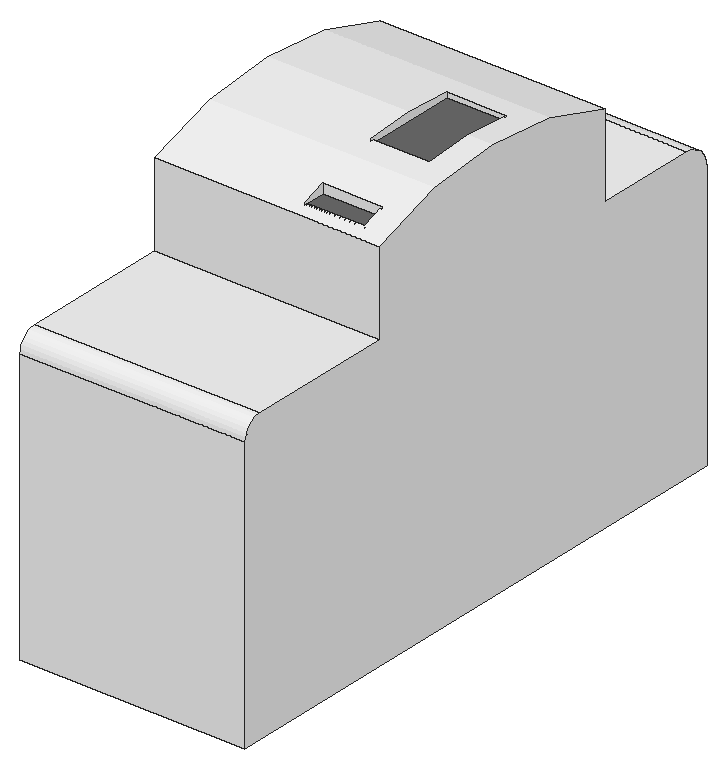
Revit family "Power-ModularDevices-GEWISS-90RCD-BD_2P", category Apparecchi elettrici, host Superficie, Revit 2016
Family settings
  Host = Superficie
  Mantenere orientamento annotazione = Sì
  Tipo di parte = Normale
  Quota connettore circolare = Usa diametro
  Numero OmniClass = 23.80.30.14
  Titolo OmniClass = Power Distribution
  Taglio con vuoti quando caricato = No
  Condiviso = Sì
  Punto di calcolo locali = Sì
Parameters (values of type "GW94566 - ADD-ON RCD 2P IN 63A IMMUN.A/0,03 2M")
  Voltaggio = 230 V
  Vista di pianta [instance] = yes
  Version file RFA = "19.0"
  URL = "https://www.gewiss.com/ww/en"
  Type: = "A[IR]"
  Type = "A(IR)"
  Technical sheet = "https://www.gewiss.com/ww/en/search?q=GW94566"
  Stocking temperature = "-40 +70 °C"
  Standard; = "IEC/EN 61009-1 app. G, IEC/EN 61009-2-1 app. G"
  Standard = "EN 61009-1 app. G"
  Spessore = 65 mm
  Section rigid cable = "Max 35 mm²"
  Section flexible cable = "Max 35 mm²"
  SEO = "Add-on RCD"
  Realized by GEWISS S.p.A. = ""
  Rated voltage (IEC/EN 61009-1 app. G, IEC/EN 61009-2-1 app. G) = "230V"
  Rated voltage = "230V"
  Rated tightening torque = "2 Nm"
  Rated residual operating current = "30 mA"
  Rated insulation voltage (Ui) = "500V"
  Rated impulse withstand voltage = "4KV"
  Rated frequency (Hz) = "50/60 Hz"
  Rated current: = "63A"
  Rated current (In) = "63A"
  Default Elevation = 1219.2 mm
  Produttore = "GEWISS S.p.A."
  Precision = "30 mA"
  Overvoltage category = "III"
  Operating temperature = "-25 +40 °C"
  Numero di poli_ = 2
  Number of poles = "2P"
  No. of poles = "2P"
  No. of modules EN 50022 = "2"
  No. modules = "2"
  Modello = "GW94566"
  Level of immunity (8/20 Âµs) = "3000A"
  Larghezza = 36 mm
  Label = "BD"
  Interuttore = GW - grigio scuro
  Insulation voltage = "500V"
  Immagine tipo = GW94401.jpg
  Idn = "30MA"
  IFC.TypeObject = ""
  IFC.ExportType = ""
  IFC.ExportAs = ""
  IDT = "adf18db2-dbf0-4dcc-9ca3-3f3ec2ab55f8"
  IDF = "a2e4335f-66c0-4250-a404-7c4b8ea38134"
  Finitura = GW - grigio chiaro
  Electrocod = "1412"
  EAN code = "8011564761971"
  Distanza dal piano [instance] = 3 mm
  Descrizione = "ADD-ON RCD 2P IN<63A IMMUN.A/0,03 2M"
  Description = "RESIDUAL CURRENT DEVICE"
  Catalogue Range = "90 RCD"
  Catalogue = "POWER"
  Carico apparente = 0 VA
  Parti incassate = yes
  COBie.Tagnumber = ""
  COBie.CreatedOn = ""
  COBie.CreatebBy = ""
  COBie.ComponentRegisterItemID = ""
  COBie.Component.TagNumber = ""
  COBie.Component.Space = ""
  COBie.Component.SerialNumber = ""
  COBie.Component.InstallationDate = ""
  COBie.Component.Description = ""
  COBie.Component.BarCode = ""
  Assembly position: = "Any"
  Altezza pannello = 35.222 mm
  Altezza = 92.2 mm
Types (16, lengths in mm): name | Type: | Type | Technical sheet | Rated residual operating current | Rated insulation voltage (Ui) | Rated current: | Rated current (In) | Precision | Modello | Level of immunity (8/20 Âµs) | Idn | IDT | EAN code | Descrizione
  GW94401 - ADD-ON RCD 2P IN 25A ISTANT.AC/0,01 2M. | "AC" | "AC" | "https://www.gewiss.com/ww/en/search?q=GW94401" | "100 mA" | "" | "25A" | "25A" | "100 mA" | "GW94401" | "250A" | "10MA" | "336716d5-a87f-4bb4-83c1-29e5174f7210" | "8011564061293" | "ADD-ON RCD 2P IN<25A ISTANT.AC/0,01 2M."
  GW94402 - ADD-ON RCD 2P IN 25A ISTANT.AC/0,03 2M. | "AC" | "AC" | "https://www.gewiss.com/ww/en/search?q=GW94402" | "30 mA" | "500V" | "25A" | "25A" | "30 mA" | "GW94402" | "250A" | "30MA" | "fd38c9da-c215-4712-9437-4032ef191ca6" | "8011564061309" | "ADD-ON RCD 2P IN<25A ISTANT.AC/0,03 2M."
  GW94403 - ADD-ON RCD 2P IN 25A ISTANT.AC/0,3 2M. | "AC" | "AC" | "https://www.gewiss.com/ww/en/search?q=GW94403" | "300 mA" | "500V" | "25A" | "25A" | "300 mA" | "GW94403" | "250A" | "300MA" | "c32208eb-5df8-4c99-84e4-40f80b40a843" | "8011564061316" | "ADD-ON RCD 2P IN<25A ISTANT.AC/0,3 2M."
  GW94404 - ADD-ON RCD 2P IN 25A ISTANT.AC/0,5 2M. | "AC" | "AC" | "https://www.gewiss.com/ww/en/search?q=GW94404" | "500 mA" | "500V" | "25A" | "25A" | "500 mA" | "GW94404" | "250A" | "500MA" | "08911c5f-8a1b-48d5-889c-16c0d869cc9c" | "8011564061323" | "ADD-ON RCD 2P IN<25A ISTANT.AC/0,5 2M."
  GW94412 - ADD-ON RCD 2P IN 63A ISTANT.AC/0,03 2M. | "AC" | "AC" | "https://www.gewiss.com/ww/en/search?q=GW94412" | "30 mA" | "500V" | "63A" | "63A" | "30 mA" | "GW94412" | "250A" | "30MA" | "b231cb4e-2a0d-4ce7-b30f-07142a1e7ad4" | "8011564061330" | "ADD-ON RCD 2P IN<63A ISTANT.AC/0,03 2M."
  GW94413 - ADD-ON RCD 2P IN 63A ISTANT.AC/0,3 2M. | "AC" | "AC" | "https://www.gewiss.com/ww/en/search?q=GW94413" | "300 mA" | "500V" | "63A" | "63A" | "300 mA" | "GW94413" | "250A" | "300MA" | "81e52e0e-f377-43a8-9cfe-a71cf4257ba5" | "8011564061347" | "ADD-ON RCD 2P IN<63A ISTANT.AC/0,3 2M."
  GW94414 - ADD-ON RCD 2P IN 63A ISTANT.AC/0,5 2M. | "AC" | "AC" | "https://www.gewiss.com/ww/en/search?q=GW94414" | "500 mA" | "500V" | "63A" | "63A" | "500 mA" | "GW94414" | "250A" | "500MA" | "14208dfe-df9d-464a-b319-67e1f3be5a78" | "8011564061354" | "ADD-ON RCD 2P IN<63A ISTANT.AC/0,5 2M."
  GW94502 - ADD-ON RCD 2P IN 25A ISTANT.A/0,03 2M | "A" | "A" | "https://www.gewiss.com/ww/en/search?q=GW94502" | "30 mA" | "500V" | "25A" | "25A" | "30 mA" | "GW94502" | "250A" | "30MA" | "95e64654-878b-490e-9b3c-c0b7e5bc7d89" | "8011564061491" | "ADD-ON RCD 2P IN<25A ISTANT.A/0,03 2M"
  GW94503 - ADD-ON RCD 2P IN 25A ISTANT.A/0,3 2M | "A" | "A" | "https://www.gewiss.com/ww/en/search?q=GW94503" | "300 mA" | "500V" | "25A" | "25A" | "300 mA" | "GW94503" | "250A" | "300MA" | "604f93d0-7b16-4a74-b22d-a39d5c8b73a1" | "8011564061507" | "ADD-ON RCD 2P IN<25A ISTANT.A/0,3 2M"
  GW94504 - ADD-ON RCD 2P IN 25A ISTANT.A/0,5 2M | "A" | "A" | "https://www.gewiss.com/ww/en/search?q=GW94504" | "500 mA" | "500V" | "25A" | "25A" | "500 mA" | "GW94504" | "250A" | "500MA" | "a657bed9-5f79-44b7-87d5-6b22f6c4d8c3" | "8011564061521" | "ADD-ON RCD 2P IN<25A ISTANT.A/0,5 2M"
  GW94512 - ADD-ON RCD 2P IN 63A ISTANT.A/0,03 2M | "A" | "A" | "https://www.gewiss.com/ww/en/search?q=GW94512" | "30 mA" | "500V" | "63A" | "63A" | "30 mA" | "GW94512" | "250A" | "30MA" | "76335ac9-0fa9-4f8b-af75-2d63aa920a7e" | "8011564061538" | "ADD-ON RCD 2P IN<63A ISTANT.A/0,03 2M"
  GW94513 - ADD-ON RCD 2P IN 63A ISTANT.A/0,3 2M | "A" | "A" | "https://www.gewiss.com/ww/en/search?q=GW94513" | "300 mA" | "500V" | "63A" | "63A" | "300 mA" | "GW94513" | "250A" | "300MA" | "882158a8-14dc-4167-9777-0f383e3aacde" | "8011564061552" | "ADD-ON RCD 2P IN<63A ISTANT.A/0,3 2M"
  GW94514 - ADD-ON RCD 2P IN 63A ISTANT.A/0,5 2M | "A" | "A" | "https://www.gewiss.com/ww/en/search?q=GW94514" | "500 mA" | "500V" | "63A" | "63A" | "500 mA" | "GW94514" | "250A" | "500MA" | "156dffb4-48cf-481f-a72b-c77a4f0436fa" | "8011564061569" | "ADD-ON RCD 2P IN<63A ISTANT.A/0,5 2M"
  GW94566 - ADD-ON RCD 2P IN 63A IMMUN.A/0,03 2M | "A[IR]" | "A(IR)" | "https://www.gewiss.com/ww/en/search?q=GW94566" | "30 mA" | "500V" | "63A" | "63A" | "30 mA" | "GW94566" | "3000A" | "30MA" | "adf18db2-dbf0-4dcc-9ca3-3f3ec2ab55f8" | "8011564761971" | "ADD-ON RCD 2P IN<63A IMMUN.A/0,03 2M"
  GW94563 - ADD-ON RCD 2P IN 63A SELECT.A/0,3 2M | "A[S]" | "A(S)" | "https://www.gewiss.com/ww/en/search?q=GW94563" | "300 mA" | "500V" | "63A" | "63A" | "300 mA" | "GW94563" | "3000A" | "300MA" | "b9a9f627-5670-4216-a270-b8aedfa8a852" | "8011564061705" | "ADD-ON RCD 2P IN<63A SELECT.A/0,3 2M"
  GW94565 - ADD-ON RCD 2P IN 63A SELECT.A/1 2M | "A[S]" | "A(S)" | "https://www.gewiss.com/ww/en/search?q=GW94565" | "1000 mA" | "500V" | "63A" | "63A" | "1000 mA" | "GW94565" | "3000A" | "1000MA" | "950daf35-948e-4e42-bef9-44b073722cc7" | "8011564061736" | "ADD-ON RCD 2P IN<63A SELECT.A/1 2M"
Reference planes
  plane 1 "Centro (Fronte/Retro)": y = 0
  plane 2: z = 0
  plane 3 "Centro (Sinistra/Destra)": x = 0
  plane 4: x = -18
  plane 5: x = 18
  plane 6: y = 46.1
  plane 7: y = -46.1
  plane 8: z = -7
  plane 9 "fori": z = -7
  plane 10: x = 14.114
  plane 11: x = 4.611
  plane 12 "scritta": z = 11.026
  plane 13: z = 14.66
  plane 14: z = 9.771
  plane 15: z = 6.888
  plane 16: y = 25.805
  plane 17: y = -19.195
  plane 18: z = -53.775
  plane 19: z = -22.273
  plane 20: z = 5.384
  plane 21: z = -10
Forms (mm)
  Extrusion 1, solid, material "GW - grigio chiaro" <- "Finitura"
    sketch origin (0, 0, 13.225) x (0, 1, 0) y (0, 0, 1)
      loop
        line (42.193, -20.225) -> (25.805, -20.225) -> (25.805, -6.891)
        arc (25.805, -6.891) -> (3.305, -2.198) -> (-19.195, -6.891) r 56.292
        line (-19.195, -6.891) -> (-19.195, -20.225) -> (-43.276, -20.225)
        arc (-43.276, -20.225) -> (-45.273, -21.052) -> (-46.1, -23.049) r 2.824
        line (-46.1, -23.049) -> (-46.1, -67) -> (46.1, -67) -> (46.1, -24.132)
        arc (46.1, -24.132) -> (44.956, -21.369) -> (42.193, -20.225) r 3.907
    from -18 to 18
  Extrusion 2, void
    sketch origin (0, 0, 11.026) x (0, -1, 0) y (1, 0, 0)
      loop
        line (-10.91, 4.611) -> (4.276, 4.611) -> (4.276, 14.114) -> (-10.91, 14.114) -> (-10.91, 4.611)
    from -5.642 to 3.634
  Extrusion 3, solid, material "GW - grigio scuro" <- "Interuttore"
    sketch origin (0, 0, 11.026) x (0, -1, 0) y (1, 0, 0)
      loop
        line (4.276, 4.611) -> (4.276, 14.114) -> (-10.91, 14.114) -> (-10.91, 4.611) -> (4.276, 4.611)
    from -5.642 to -1.255
  Extrusion 4, void
    sketch origin (0, 0, 11.026) x (0, -1, 0) y (1, 0, 0)
      loop
        line (13.867, 4.611) -> (17.39, 4.611) -> (17.39, 14.114) -> (13.867, 14.114) -> (13.867, 4.611)
    from -15.642 to 0
  Extrusion 5, solid, material "GW - grigio scuro" <- "Interuttore"
    sketch origin (0, 0, 11.026) x (0, -1, 0) y (1, 0, 0)
      loop
        line (17.39, 4.611) -> (17.39, 14.114) -> (13.867, 14.114) -> (13.867, 4.611) -> (17.39, 4.611)
    from -5.642 to -4.139
Cuts and joins
  Extrusion 2, Extrusion 4 cuts Extrusion 1
Lines and regions (mm)
  Masking region 1
    outline origin (0, 0, 0) x (0, 1, 0) y (0, 0, 1)
      loop
        line (-46.1, -53.775) -> (46.1, -53.775) -> (46.1, -10.907)
        arc (46.1, -10.907) -> (44.956, -8.144) -> (42.193, -7) r 3.907
        line (42.193, -7) -> (25.805, -7) -> (25.805, 5.547)
        arc (25.805, 5.547) -> (25.71, 6.012) -> (25.533, 6.452) r 2.642
        arc (25.533, 6.452) -> (3.305, 11.026) -> (-18.923, 6.452) r 56.292
        arc (-18.923, 6.452) -> (-19.1, 6.012) -> (-19.195, 5.547) r 2.642
        line (-19.195, 5.547) -> (-19.195, -7) -> (-43.276, -7)
        arc (-43.276, -7) -> (-45.273, -7.827) -> (-46.1, -9.824) r 2.824
        line (-46.1, -9.824) -> (-46.1, -53.775)
  Masking region 2, visible <- "Vista di pianta"
    outline origin (0, 0, 0) x (1, 0, 0) y (0, 0, 1)
      loop
        line (-18, -53.775) -> (18, -53.775) -> (18, 11.026) -> (-18, 11.026) -> (-18, -53.775)
  Masking region 3, visible <- "Vista di pianta"
    outline origin (0, 0, 0) x (1, 0, 0) y (0, 0, 1)
      loop
        line (-54.466, -22.273) -> (-18, -22.273) -> (-18, -7) -> (-54.466, -7) -> (-54.466, -22.273)
  symbolic lines, style "InvisibleLines"
    curve 1: line (0, -43.276, -7) -> (0, 42.193, -7)
  model lines
    curve 2: circle (-4.257, -32.349, -7) r 4.784 normal (0, 0, -1)
    curve 3: circle (10.743, -32.349, -7) r 4.784 normal (0, 0, -1)
Dimensions and locks
  equal spacing: plane 6, plane 1 "Centro (Fronte/Retro)", plane 7
  equal spacing: plane 4, plane 3 "Centro (Sinistra/Destra)", plane 5
  "Larghezza": plane 4 to plane 5
  "Altezza": plane 6 to plane 7
  plane 7 to plane 6 = 92.2 mm
  locked: plane 11 to plane 10 at 9.503
  plane 3 "Centro (Sinistra/Destra)" to Extrusion 3 = 14.114 mm
  locked: plane 8 to plane 18 at 46.775
  locked: plane 19 to plane 9 "fori" at 15.273
  "Distanza dal piano": plane 9 "fori" to plane 21
  plane 9 "fori" to plane 20 to plane 15 to plane 14 = 12.384 mm locked, 1.504 mm locked, 2.884 mm locked
  plane 13 to plane 12 "scritta" to plane 14 = 3.634 mm locked, 1.255 mm locked
  locked: plane 2 to plane 21 at 10
  aligned and locked: plane 2 to host face
  aligned and locked: level to host face
  aligned and locked: Extrusion 1 to plane 4
  aligned and locked: plane 5 to Extrusion 1
  aligned and locked: Extrusion 1 to Extrusion 1
  aligned and locked: plane 8 to Extrusion 1  (x2)
  aligned and locked: plane 13 to Extrusion 2
  aligned and locked: Extrusion 4 to plane 12 "scritta"
  aligned and locked: Extrusion 5 to Extrusion 3
  aligned and locked: plane 17 to nested 1
  aligned and locked: plane 18 to cut or joined group of Extrusion 1, Extrusion 2, Extrusion 4
  aligned and locked: Extrusion 1 to plane 9 "fori"
  aligned and locked: plane 8 to cut or joined group of Extrusion 1, Extrusion 2, Extrusion 4
  aligned and locked: cut or joined group of Extrusion 1, Extrusion 2, Extrusion 4 to plane 8
  aligned and locked: plane 9 "fori" to plane 8
  aligned and locked: cut or joined group of Extrusion 1, Extrusion 2, Extrusion 4 to plane 9 "fori"  (x10)
  aligned and locked: plane 9 "fori" to curve 1
  aligned and locked: plane 20 to cut or joined group of Extrusion 1, Extrusion 2, Extrusion 4
  aligned and locked: Extrusion 5 to plane 20
  aligned and locked: Extrusion 3 to plane 20
  aligned and locked: plane 20 to Extrusion 3  (x3)
  aligned and locked: plane 20 to Extrusion 5  (x2)
  aligned and locked: plane 14 to Extrusion 3
  aligned and locked: Extrusion 5 to plane 15
  aligned and locked: Masking region 2 sketch curve to cut or joined group of Extrusion 1, Extrusion 2, Extrusion 4
  aligned and locked: Masking region 2 sketch curve to plane 4
  aligned and locked: Masking region 2 sketch curve to plane 18
  aligned and locked: Masking region 2 sketch curve to plane 12 "scritta"
  aligned and locked: Masking region 1 sketch curve to plane 16
  aligned and locked: Extrusion 1 sketch curve to Masking region 1
Automatic sketch dimensions
  host sketch curve to host sketch curve = 2438.4 mm  (x2)
  plane 7 to curve 1 = 2.824 mm
  curve 1 to plane 6 = 3.907 mm
  Extrusion 4 sketch curve to Extrusion 4 sketch curve = 3.524 mm
  Extrusion 2 sketch curve to Extrusion 2 sketch curve = 15.186 mm
  Extrusion 2 sketch curve to Extrusion 2 sketch curve = 9.503 mm
  Extrusion 3 sketch curve to Extrusion 3 sketch curve = 15.186 mm
  Extrusion 3 sketch curve to Extrusion 3 sketch curve = 9.503 mm
  Extrusion 4 sketch curve to Extrusion 4 sketch curve = 9.503 mm
  Extrusion 5 sketch curve to Extrusion 5 sketch curve = 3.524 mm
  Extrusion 5 sketch curve to Extrusion 5 sketch curve = 9.503 mm
  Extrusion 2 sketch curve to plane 10 = 0 mm
  Extrusion 2 sketch curve to plane 1 "Centro (Fronte/Retro)" = 10.91 mm
  Extrusion 3 sketch curve to plane 11 = 0 mm
  Extrusion 3 sketch curve to plane 1 "Centro (Fronte/Retro)" = 10.91 mm
  Extrusion 4 sketch curve to plane 10 = 0 mm
  plane 17 to Extrusion 4 sketch curve = 5.328 mm
  Extrusion 5 sketch curve to plane 11 = 0 mm
  plane 17 to Extrusion 5 sketch curve = 5.328 mm
  Masking region 1 sketch curve to plane 7 = 0 mm
  plane 7 to Masking region 1 sketch curve = 2.824 mm
  Masking region 1 sketch curve to plane 20 = 0.132 mm  (x2)
  plane 17 to Masking region 1 sketch curve = 2.625 mm
  Masking region 1 sketch curve to plane 16 = 2.625 mm
  Masking region 1 sketch curve to plane 6 = 3.907 mm
  plane 18 to Masking region 1 sketch curve = 8.51 mm
  plane 20 to Masking region 1 sketch curve = 0.163 mm  (x2)
  plane 17 to Masking region 1 sketch curve = 0.272 mm
  Masking region 1 sketch curve to plane 16 = 0.272 mm
  Masking region 1 sketch curve to plane 8 = 0 mm  (x2)
  Masking region 1 sketch curve to plane 17 = 0 mm
  Masking region 1 sketch curve to plane 6 = 0 mm
  Masking region 1 sketch curve to plane 18 = 0 mm
  curve 2 to curve 3 = 15 mm  (x2)
  Extrusion 1 sketch curve to plane 7 = 0 mm
  Extrusion 1 sketch curve to plane 8 = 0 mm  (x2)
  Extrusion 1 sketch curve to plane 17 = 0 mm
  Extrusion 1 sketch curve to plane 6 = 0 mm
  Extrusion 1 sketch curve to plane 18 = 0 mm
  plane 7 to Extrusion 1 sketch curve = 2.824 mm
  Extrusion 1 sketch curve to plane 1 "Centro (Fronte/Retro)" = 3.305 mm
  Extrusion 1 sketch curve to Extrusion 1 sketch curve = 3.907 mm
  plane 18 to Extrusion 1 sketch curve = 8.51 mm
  plane 15 to Extrusion 1 sketch curve = 0.553 mm
  Masking region 3 sketch curve to plane 8 = 0 mm
  Masking region 3 sketch curve to plane 19 = 0 mm
  Masking region 3 sketch curve to plane 4 = 0 mm
  Masking region 3 sketch curve to Masking region 3 sketch curve = 36.466 mm
  curve 3 to plane 10 = 3.372 mm
  curve 3 to plane 17 = 13.154 mm
  curve 2 to plane 3 "Centro (Sinistra/Destra)" = 4.257 mm
  curve 2 to plane 17 = 13.154 mm
  radius of curve 3 = 4.784 mm  (x2)
  radius of curve 2 = 4.784 mm  (x2)
Nested families
  nested 1: "BD BLOCCO DIFF 2P" at (0, 3.719, 11.026) x (1, 0, 0) z (0, 0, -1), Bidimensionale completo <- "Parti incassate", type "BIDIMENSIONALE"
    with Bidimensionale completo yes
Definition of nested family "BD BLOCCO DIFF 2P"
  Parameters (values of type "BIDIMENSIONALE")
    Bidimensionale completo [instance] = yes
  Reference planes
    plane 1 "Centro (Fronte/Retro)": y = 0
    plane 2: z = 0
    plane 3 "Centro (Sinistra/Destra)": x = 0
  Lines and regions (mm)
    model lines, in view "Livello rif.", visible <- "Bidimensionale completo"
      curve 1: line (-18, 42.181, 0) -> (18, 42.181, 0)
      curve 2: line (18, 42.181, 0) -> (18, 22.086, 0)
      curve 3: line (-18, 42.181, 0) -> (-18, 22.086, 0)
      curve 4: line (-18, -50.066, 0) -> (18, -50.066, 0)
      curve 5: line (-18, -43.628, 0) -> (-54.466, -43.628, 0)
      curve 6: line (18, -52.153, 0) -> (-54.466, -52.153, 0)
      curve 7: line (-54.466, -43.628, 0) -> (-54.466, -52.153, 0)
      curve 8: line (18, -52.153, 0) -> (18, -50.066, 0)
      curve 9: line (-49.559, -36.068, 0) -> (-49.909, -43.628, 0)
      curve 10: line (-40.839, -36.034, 0) -> (-42.346, -34.615, 0)
      curve 11: line (-40.839, -36.034, 0) -> (-40.381, -43.628, 0)
      curve 12: line (-48.049, -34.615, 0) -> (-49.559, -36.068, 0)
      curve 13: line (-48.049, -34.615, 0) -> (-42.346, -34.615, 0)
      curve 14: line (-31.486, -36.068, 0) -> (-31.838, -43.628, 0)
      curve 15: line (-22.765, -36.034, 0) -> (-24.274, -34.615, 0)
      curve 16: line (-22.765, -36.034, 0) -> (-22.296, -43.628, 0)
      curve 17: line (-29.977, -34.615, 0) -> (-31.486, -36.068, 0)
      curve 18: line (-29.977, -34.615, 0) -> (-24.274, -34.615, 0)
    model lines, in view "Livello rif.", visible <- "Bidimensionale completo", detail levels medium+fine
      curve 19: line (-4.257, -40.953, 0) -> (-9.04, -36.169, 0)
      curve 20: line (0.526, -36.169, 0) -> (-4.257, -40.953, 0)
      curve 21: line (-4.257, -31.384, 0) -> (0.526, -36.169, 0)
      curve 22: line (-9.04, -36.169, 0) -> (-4.257, -31.384, 0)
      curve 23: line (10.752, -40.953, 0) -> (5.967, -36.169, 0)
      curve 24: line (15.534, -36.169, 0) -> (10.752, -40.953, 0)
      curve 25: line (10.752, -31.384, 0) -> (15.534, -36.169, 0)
      curve 26: line (5.967, -36.169, 0) -> (10.752, -31.384, 0)
      curve 36: line (4.611, -28.064, 0) -> (14.114, -28.064, 0)
      curve 37: line (4.611, -24.868, 0) -> (14.114, -24.868, 0)
      curve 38: line (14.114, -24.868, 0) -> (14.114, -28.064, 0)
      curve 39: line (4.611, -24.868, 0) -> (4.611, -28.064, 0)
    model lines, in view "Livello rif."
      curve 27: line (-18, 22.086, 0) -> (18, 22.086, 0)
      curve 28: line (-18, -22.914, 0) -> (18, -22.914, 0)
      curve 42: line (-18, 22.086, 0) -> (-18, -22.914, 0)
      curve 43: line (18, 22.086, 0) -> (18, -22.914, 0)
    model lines, in view "Livello rif.", detail levels medium+fine
      curve 29: line (4.611, -21.11, 0) -> (14.114, -21.11, 0)
      curve 30: line (4.611, -7.996, 0) -> (14.114, -7.996, 0)
      curve 31: line (4.611, 7.19, 0) -> (14.114, 7.19, 0)
      curve 32: line (14.114, 7.19, 0) -> (14.114, -7.996, 0)
      curve 33: line (14.114, -17.586, 0) -> (14.114, -21.11, 0)
      curve 34: line (4.611, 7.19, 0) -> (4.611, -7.996, 0)
      curve 35: line (4.611, -17.586, 0) -> (4.611, -21.11, 0)
      curve 40: line (9.363, -17.586, 0) -> (14.114, -17.586, 0)
      curve 41: line (4.611, -17.586, 0) -> (9.363, -17.586, 0)
      curve 46: line (-14.428, -19.719, 0) -> (-14.428, -21.914, 0)
      curve 47: line (-14.428, -21.914, 0) -> (-15.163, -21.914, 0)
      curve 48: line (-15.163, -21.914, 0) -> (-15.589, -21.86, 0)
      curve 49: line (-15.589, -21.86, 0) -> (-16.111, -21.629, 0)
      curve 50: line (-16.111, -21.629, 0) -> (-16.525, -21.245, 0)
      curve 51: line (-16.525, -21.245, 0) -> (-16.8, -20.726, 0)
      curve 52: line (-16.8, -20.726, 0) -> (-16.885, -20.175, 0)
      curve 53: line (-16.885, -20.175, 0) -> (-16.802, -19.666, 0)
      curve 54: line (-16.802, -19.666, 0) -> (-16.582, -19.217, 0)
      curve 55: line (-16.582, -19.217, 0) -> (-16.187, -18.807, 0)
      curve 56: line (-16.187, -18.807, 0) -> (-15.708, -18.559, 0)
      curve 57: line (-15.708, -18.559, 0) -> (-15.17, -18.47, 0)
      curve 58: line (-15.17, -18.47, 0) -> (-14.428, -18.47, 0)
      curve 59: line (-14.428, -18.47, 0) -> (-14.428, -19.416, 0)
      curve 60: line (-14.428, -19.416, 0) -> (-15.677, -19.416, 0)
      curve 61: line (-15.677, -19.416, 0) -> (-15.677, -20.968, 0)
      curve 62: line (-15.677, -20.968, 0) -> (-15.372, -20.968, 0)
      curve 63: line (-15.372, -20.968, 0) -> (-15.372, -19.719, 0)
      curve 64: line (-15.372, -19.719, 0) -> (-14.428, -19.719, 0)
      curve 65: line (-11.457, -21.914, 0) -> (-14.125, -21.914, 0)
      curve 66: line (-14.125, -21.914, 0) -> (-14.125, -18.47, 0)
      curve 67: line (-14.125, -18.47, 0) -> (-12.706, -18.47, 0)
      curve 68: line (-12.706, -18.47, 0) -> (-12.706, -19.416, 0)
      curve 69: line (-12.706, -19.416, 0) -> (-13.179, -19.416, 0)
      curve 70: line (-13.179, -19.416, 0) -> (-13.179, -19.719, 0)
      curve 71: line (-13.179, -19.719, 0) -> (-11.457, -19.719, 0)
      curve 72: line (-11.457, -19.719, 0) -> (-11.457, -20.665, 0)
      curve 73: line (-11.457, -20.665, 0) -> (-13.179, -20.665, 0)
      curve 74: line (-13.179, -20.665, 0) -> (-13.179, -20.967, 0)
      curve 75: line (-13.179, -20.967, 0) -> (-11.457, -20.967, 0)
      curve 76: line (-11.457, -20.967, 0) -> (-11.457, -21.914, 0)
      curve 77: line (-6.632, -21.914, 0) -> (-6.632, -19.719, 0)
      curve 78: line (-6.632, -19.719, 0) -> (-7.578, -19.719, 0)
      curve 79: line (-7.578, -19.719, 0) -> (-7.578, -21.914, 0)
      curve 80: line (-7.578, -21.914, 0) -> (-6.632, -21.914, 0)
      curve 81: line (-9.801, -21.914, 0) -> (-9.517, -20.494, 0)
      curve 82: line (-9.517, -20.494, 0) -> (-9.234, -21.914, 0)
      curve 83: line (-9.234, -21.914, 0) -> (-8.288, -21.914, 0)
      curve 84: line (-8.288, -21.914, 0) -> (-7.701, -19.416, 0)
      curve 85: line (-7.701, -19.416, 0) -> (-6.632, -19.416, 0)
      curve 86: line (-6.632, -19.416, 0) -> (-6.632, -18.47, 0)
      curve 87: line (-6.632, -18.47, 0) -> (-8.448, -18.47, 0)
      curve 88: line (-8.448, -18.47, 0) -> (-8.789, -19.927, 0)
      curve 89: line (-8.789, -19.927, 0) -> (-9.025, -18.47, 0)
      curve 90: line (-9.025, -18.47, 0) -> (-10.009, -18.47, 0)
      curve 91: line (-10.009, -18.47, 0) -> (-10.246, -19.927, 0)
      curve 92: line (-10.246, -19.927, 0) -> (-10.587, -18.47, 0)
      curve 93: line (-10.587, -18.47, 0) -> (-12.403, -18.47, 0)
      curve 94: line (-12.403, -18.47, 0) -> (-12.403, -19.416, 0)
      curve 95: line (-12.403, -19.416, 0) -> (-11.334, -19.416, 0)
      curve 96: line (-11.334, -19.416, 0) -> (-10.749, -21.914, 0)
      curve 97: line (-10.749, -21.914, 0) -> (-9.801, -21.914, 0)
      curve 98: line (-3.661, -18.47, 0) -> (-6.329, -18.47, 0)
      curve 99: line (-6.329, -18.47, 0) -> (-6.329, -20.665, 0)
      curve 100: line (-6.329, -20.665, 0) -> (-4.607, -20.665, 0)
      curve 101: line (-4.607, -20.665, 0) -> (-4.607, -20.967, 0)
      curve 102: line (-4.607, -20.967, 0) -> (-6.329, -20.967, 0)
      curve 103: line (-6.329, -20.967, 0) -> (-6.329, -21.914, 0)
      curve 104: line (-6.329, -21.914, 0) -> (-3.661, -21.914, 0)
      curve 105: line (-3.661, -21.914, 0) -> (-3.661, -19.719, 0)
      curve 106: line (-3.661, -19.719, 0) -> (-5.383, -19.719, 0)
      curve 107: line (-5.383, -19.719, 0) -> (-5.383, -19.416, 0)
      curve 108: line (-5.383, -19.416, 0) -> (-3.661, -19.416, 0)
      curve 109: line (-3.661, -19.416, 0) -> (-3.661, -18.47, 0)
      curve 110: line (-3.358, -18.47, 0) -> (-3.358, -20.665, 0)
      curve 111: line (-3.358, -20.665, 0) -> (-1.753, -20.665, 0)
      curve 112: line (-1.753, -20.665, 0) -> (-1.753, -20.967, 0)
      curve 113: line (-1.753, -20.967, 0) -> (-3.358, -20.967, 0)
      curve 114: line (-3.358, -20.967, 0) -> (-3.358, -21.914, 0)
      curve 115: line (-3.358, -21.914, 0) -> (-2.412, -21.914, 0)
      curve 116: line (-2.412, -21.914, 0) -> (-1.866, -21.738, 0)
      curve 117: line (-1.866, -21.738, 0) -> (-1.513, -21.508, 0)
      curve 118: line (-1.513, -21.508, 0) -> (-1.11, -21.013, 0)
      curve 119: line (-1.11, -21.013, 0) -> (-0.922, -20.457, 0)
      curve 120: line (-0.922, -20.457, 0) -> (-0.916, -19.964, 0)
      curve 121: line (-0.916, -19.964, 0) -> (-0.968, -19.719, 0)
      curve 122: line (-0.968, -19.719, 0) -> (-2.412, -19.719, 0)
      curve 123: line (-2.412, -19.719, 0) -> (-2.412, -19.416, 0)
      curve 124: line (-2.412, -19.416, 0) -> (-1.097, -19.416, 0)
      curve 125: line (-1.097, -19.416, 0) -> (-1.268, -19.13, 0)
      curve 126: line (-1.268, -19.13, 0) -> (-1.514, -18.875, 0)
      curve 127: line (-1.514, -18.875, 0) -> (-1.856, -18.65, 0)
      curve 128: line (-1.856, -18.65, 0) -> (-2.214, -18.519, 0)
      curve 129: line (-2.214, -18.519, 0) -> (-2.616, -18.47, 0)
      curve 130: line (-2.616, -18.47, 0) -> (-3.358, -18.47, 0)
    detail lines, in view "Livello rif.", visible <- "Bidimensionale completo"
      curve 44: line (-18, -50.066, 0) -> (-18, -22.914, 0)
      curve 45: line (18, -50.066, 0) -> (18, -22.914, 0)
